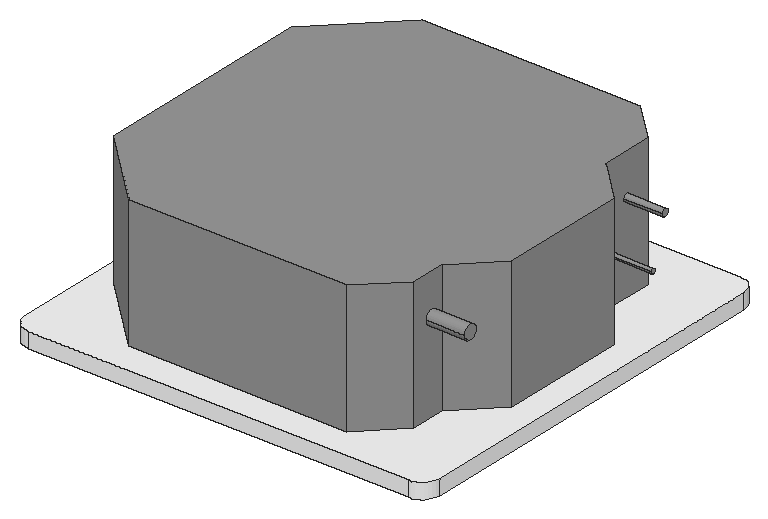
Revit family "Midea_VRF_Indoor_4-way Cassette_MI-90(100,112,140)Q4_DHN1-D (2nd DC)-360°", category Equipamento mecânico, Revit 2019
Family settings
  Cota do conector redondo = Utilizar diâmetro
  Tipo de parte = Normal
  Número OmniClass = 23.75.00.00
  Título OmniClass = Climate Control (HVAC)
  Com base no plano de trabalho = Não
  Sempre na vertical = Sim
  Corte com vazios quando carregada = Não
  Compartilhado = Não
  Ponto de cálculo do ambiente = Não
Parameters (values of type "4TVC0048EF000AA")
  clearance access right = 1000.000 mm
  clearance access left = 1000.000 mm
  clearance access front = 1000.000 mm
  clearance access behind = 1000.000 mm
  clearance [instance] = no
  Width = 840.000 mm
  URL = "https://www.trane.com/commercial/latin-america/br/pt.html"
  Series = "Ultra"
  Power supply = "220-240V ~50/60Hz"
  Panel color = "S1004"
  Modelo = "4TVC0048EF000AA"
  Minimum Circuit Amps = 1.2 A
  Maximum Fuse Amps = 15 A
  Fabricante = "Trane"
  Machine material = grilles：ABS/HIPS
  Liquid pipe = 9.530 mm
  Installation = "Indoor installation"
  Height = 300.000 mm
  Heating Power Input = 94 W
  Heating Capacity = 16.00 kW
  Gross Weight = 30.70 kg
  Gas pipe = 15.900 mm
  Gas = "R410a"
  Drain pipe = 32.000 mm
  Descrição = "High efficiency air cooled"
  Depth = 840.000 mm
  Cooling Power Input = 94 W
  Cooling Capacity = 14.00 kW
  Condensation = "air"
  Air Flow = "1700/1600/1440/1250/1200/1150 m3/h"
Types (5, lengths in mm): name | Modelo | Minimum Circuit Amps | Heating Power Input | Heating Capacity | Gross Weight | Cooling Power Input | Cooling Capacity | Air Flow
  (no name) | "4TVC0048EF000AA" | 1.2 A | 94 W | 16.00 kW | 30.70 kg | 94 W | 14.00 kW | "1700/1600/1440/1250/1200/1150 m3/h"
  4TVC0030EF000AA | "4TVC0030EF000AA" | 0.88 A | 75 W | 10.00 kW | 28.40 kg | 75 W | 9.00 kW | "1264/1195/1117/1055/975/893/811 m3/h"
  4TVC0034EF000AA | "4TVC0034EF000AA" | 1 A | 75 W | 11.00 kW | 28.40 kg | 75 W | 10.00 kW | "1596/1477/1365/1239/1154/1087/1034 m3/h"
  4TVC0038EF000AA | "4TVC0038EF000AA" | 1 A | 75 W | 12.50 kW | 28.40 kg | 75 W | 11.20 kW | "1596/1477/1365/1239/1154/1087/1034 m3/h"
  4TVC0048EF000AA | "4TVC0048EF000AA" | 1.2 A | 94 W | 16.00 kW | 30.70 kg | 94 W | 14.00 kW | "1700/1600/1440/1250/1200/1150 m3/h"
Reference planes
  plane 1 "中心(前/后)": y = 0
  plane 2: z = 0
  plane 3 "中心(左/右)": x = 0
  plane 4: z = -102.103
  plane 5 "floor": z = 2546.088
Forms (mm)
  Extrusion 1, solid, material "grilles：ABS/HIPS" <- "Machine material", detail levels medium+fine
    sketch origin (0, 0, 64.412) x (-1, 0, 0) y (0, 1, 0)
      loop
        line (-250, 420) -> (-335, 335) -> (-335, 215) -> (-425, 125) -> (-425, -165) -> (-335, -255) -> (-335, -335) -> (-250, -420) -> (250, -420) -> (415, -255) -> (415, 255) -> (250, 420) -> (-250, 420)
    from -281.588 to 18.412
  Extrusion 2, solid, material "grilles：ABS/HIPS" <- "Machine material", detail levels fine
    sketch origin (0, 519.376, 250) x (0, 1, 0) y (0, 0, 1)
      loop
        circle (-279.968, -103.155) r 4.765
    from 335 to 425
  Extrusion 3, solid, material "grilles：ABS/HIPS" <- "Machine material", detail levels fine
    sketch origin (335, -225, 64.412) x (0, -1, 0) y (0, 0, -1)
      loop
        circle (60, -187.897) r 16
    from 0 to 90
  Extrusion 4, solid, material "grilles：ABS/HIPS" <- "Machine material", detail levels fine
    sketch origin (335, 925, 64.412) x (0, -1, 0) y (0, 0, -1)
      loop
        circle (651.789, -187.897) r 7.95
    from 0 to 90
Lines and regions (mm)
  model lines
    curve 1: line (425, -165, 46) -> (425, 125, 46)
    curve 2: line (425, 125, 46) -> (335, 215, 46)
    curve 3: line (335, 215, 46) -> (335, 335, 46)
    curve 4: line (335, 335, 46) -> (250, 420, 46)
    curve 5: line (250, 420, 46) -> (-250, 420, 46)
    curve 6: line (-250, 420, 46) -> (-415, 255, 46)
    curve 7: line (-415, 255, 46) -> (-415, -255, 46)
    curve 8: line (-415, -255, 46) -> (-250, -420, 46)
    curve 9: line (-250, -420, 46) -> (250, -420, 46)
    curve 10: line (250, -420, 46) -> (335, -335, 46)
    curve 11: line (335, -335, 46) -> (335, -255, 46)
    curve 12: line (335, -255, 46) -> (425, -165, 46)
    curve 13: line (425, -165, 346) -> (425, -165, 46)
    curve 14: line (425, 125, 346) -> (425, 125, 46)
    curve 15: line (335, 215, 346) -> (335, 215, 46)
    curve 16: line (335, 335, 346) -> (335, 335, 46)
    curve 17: line (-250, 420, 346) -> (-250, 420, 46)
    curve 18: line (-415, 255, 346) -> (-415, 255, 46)
    curve 19: line (-415, -255, 346) -> (-415, -255, 46)
    curve 20: line (-250, -420, 346) -> (-250, -420, 46)
    curve 21: line (250, -420, 346) -> (250, -420, 46)
    curve 22: line (425, 125, 346) -> (425, -165, 346)
    curve 23: line (425, -165, 346) -> (335, -255, 346)
    curve 24: line (335, -255, 346) -> (335, -335, 346)
    curve 25: line (335, -335, 346) -> (250, -420, 346)
    curve 26: line (250, -420, 346) -> (-250, -420, 346)
    curve 27: line (-250, -420, 346) -> (-415, -255, 346)
    curve 28: line (-415, -255, 346) -> (-415, 255, 346)
    curve 29: line (-415, 255, 346) -> (-250, 420, 346)
    curve 30: line (-250, 420, 346) -> (250, 420, 346)
    curve 31: line (250, 420, 346) -> (335, 335, 346)
    curve 32: line (335, 335, 346) -> (335, 215, 346)
    curve 33: line (335, 215, 346) -> (425, 125, 346)
    curve 34: line (335, -335, 346) -> (335, -335, 46)
    curve 35: line (250, 420, 346) -> (250, 420, 46)
    curve 36: line (335, -255, 346) -> (335, -255, 46)
    curve 37: line (-475, 475, 46) -> (-475, 475, 0)
    curve 38: line (475, -475, 0) -> (475, -475, 46)
Dimensions and locks
  "Depth": Extrusion 1 to Extrusion 1
  "Width": Extrusion 1 to Extrusion 1
  "Height": Extrusion 1 to Extrusion 1
  "Liquid pipe": diameter of Extrusion 2
  "Gas pipe": diameter of Extrusion 4
  aligned and locked: level to plane 2
Automatic sketch dimensions
  plane 1 "中心(前/后)" to Extrusion 1 sketch curve = 165.000 mm
  plane 3 "中心(左/右)" to Extrusion 1 sketch curve = 425.000 mm
  Extrusion 1 sketch curve to plane 3 "中心(左/右)" = 250.000 mm  (x2)
  Extrusion 1 sketch curve to plane 1 "中心(前/后)" = 420.000 mm
  Extrusion 1 sketch curve to Extrusion 1 sketch curve = 90.000 mm  (x3)
  Extrusion 1 sketch curve to Extrusion 1 sketch curve = 85.000 mm  (x3)
  Extrusion 1 sketch curve to Extrusion 1 sketch curve = 165.000 mm  (x2)
  Extrusion 1 sketch curve to plane 1 "中心(前/后)" = 255.000 mm
  Extrusion 1 sketch curve to Extrusion 1 sketch curve = 120.000 mm
  Extrusion 1 sketch curve to plane 1 "中心(前/后)" = 125.000 mm
  plane 1 "中心(前/后)" to Extrusion 1 sketch curve = 255.000 mm
  Extrusion 1 sketch curve to Extrusion 1 sketch curve = 80.000 mm
  Extrusion 2 sketch curve to plane 1 "中心(前/后)" = 239.408 mm
  level to Extrusion 2 sketch curve = 146.845 mm
  Extrusion 1 to Extrusion 3 sketch curve = 93.691 mm
  Extrusion 1 to Extrusion 3 sketch curve = 500.000 mm
  Extrusion 4 sketch curve to Extrusion 1 = 58.211 mm
  Extrusion 1 to Extrusion 4 sketch curve = 93.691 mm
  curve 1 to Extrusion 1 = 0.000 mm  (x2)
  curve 3 to Extrusion 1 = 0.000 mm
  curve 11 to Extrusion 1 = 0.000 mm
  curve 10 to Extrusion 1 = 0.000 mm  (x3)
  Extrusion 1 to curve 5 = 0.000 mm
  curve 5 to Extrusion 1 = 0.000 mm
  Extrusion 1 to curve 6 = 0.000 mm
  curve 8 to Extrusion 1 = 0.000 mm  (x2)
  curve 6 to Extrusion 1 = 0.000 mm
  Extrusion 1 to curve 3 = 0.000 mm
  curve 7 to Extrusion 1 = 0.000 mm
  curve 2 to Extrusion 1 = 0.000 mm
  Extrusion 1 to curve 1 = 0.000 mm
  curve 12 to Extrusion 1 = 0.000 mm
  curve 13 to Extrusion 1 = 0.000 mm  (x3)
  curve 14 to Extrusion 1 = 0.000 mm  (x2)
  Extrusion 1 to curve 14 = 0.000 mm
  curve 16 to Extrusion 1 = 0.000 mm  (x2)
  curve 15 to Extrusion 1 = 0.000 mm  (x3)
  Extrusion 1 to curve 16 = 0.000 mm
  curve 35 to Extrusion 1 = 0.000 mm  (x3)
  curve 17 to Extrusion 1 = 0.000 mm  (x3)
  curve 19 to Extrusion 1 = 0.000 mm  (x2)
  curve 18 to Extrusion 1 = 0.000 mm  (x3)
  Extrusion 1 to curve 19 = 0.000 mm
  curve 21 to Extrusion 1 = 0.000 mm  (x3)
  curve 20 to Extrusion 1 = 0.000 mm  (x2)
  Extrusion 1 to curve 20 = 0.000 mm
  curve 22 to Extrusion 1 = 0.000 mm  (x2)
  curve 24 to Extrusion 1 = 0.000 mm
  curve 32 to Extrusion 1 = 0.000 mm
  Extrusion 1 to curve 26 = 0.000 mm  (x2)
  curve 26 to Extrusion 1 = 0.000 mm
  curve 31 to Extrusion 1 = 0.000 mm  (x3)
  curve 29 to Extrusion 1 = 0.000 mm
  curve 27 to Extrusion 1 = 0.000 mm  (x2)
  curve 28 to Extrusion 1 = 0.000 mm
  curve 33 to Extrusion 1 = 0.000 mm
  Extrusion 1 to curve 22 = 0.000 mm
  curve 23 to Extrusion 1 = 0.000 mm
  Extrusion 1 to curve 24 = 0.000 mm
  curve 34 to Extrusion 1 = 0.000 mm  (x3)
  curve 36 to Extrusion 1 = 0.000 mm  (x2)
  Extrusion 1 to curve 36 = 0.000 mm
  curve 37 to level = 0.000 mm
  level to curve 37 = 46.000 mm
  curve 37 to plane 3 "中心(左/右)" = 475.000 mm
  curve 38 to level = 0.000 mm
  plane 3 "中心(左/右)" to curve 38 = 475.000 mm
  level to curve 38 = 46.000 mm
  radius of Extrusion 2 sketch curve = 4.765 mm
  radius of Extrusion 3 sketch curve = 16.000 mm
  radius of Extrusion 4 sketch curve = 7.950 mm
Nested families
  nested 1: "360lengbamianban-950" at (0, 0, 0), type "360lengbamianban-950", detail levels medium+fine
Connectors
  piping at (425, -285, 252.309), diameter 32
    settings: on Extrusion 3, index 5, connector inside diameter 32 mm, connector length 0.000 mm, flow factor 0, pipe flow 0.0 m³/h, pressure drop 0.0 Pa, fitting loss kfactor 0, connector angle 0.00°, fixture units 0, engagement length 0.000 mm, angle of deflection 0.00°, flow configuration 1, flow direction 2, fitting loss method 0, system type 29, joint type 0, gender type 0, connector reference index -1, connector utility 0, adjustable connector no, is connector primary yes, connector description "Drain pipe OD Φ 32mm"
  piping at (425, 273.211, 252.309), diameter 15.9
    settings: on Extrusion 4, index 6, connector inside diameter 15.9 mm, connector length 0.000 mm, flow factor 0, pipe flow 0.0 m³/h, pressure drop 0.0 Pa, fitting loss kfactor 0, connector angle 0.00°, fixture units 0, engagement length 0.000 mm, angle of deflection 0.00°, flow configuration 1, flow direction 0, fitting loss method 4, system type 22, joint type 0, gender type 0, connector reference index -1, connector utility 0, adjustable connector no, is connector primary no, connector description "Gas pipe Φ15.9mm"
  piping at (425, 239.408, 146.845), diameter 9.53
    settings: on Extrusion 2, index 7, connector inside diameter 9.53 mm, connector length 0.000 mm, flow factor 0, pipe flow 0.0 m³/h, pressure drop 0.0 Pa, fitting loss kfactor 0, connector angle 0.00°, fixture units 0, engagement length 0.000 mm, angle of deflection 0.00°, flow configuration 1, flow direction 0, fitting loss method 4, system type 22, joint type 0, gender type 0, connector reference index -1, connector utility 0, adjustable connector no, is connector primary no, connector description "Liquid pipe Φ9.53mm"
  electrical at (0, 420, 196)
    settings: on Extrusion 1, index 8, voltage 220 V, apparent load 0 VA, apparent load phase1 0 VA, apparent load phase2 0 VA, apparent load phase3 0 VA, power factor 1, load classification "Power", number of poles 1, system type 30, power factor state 1, is connector primary yes, connector utility no, sub classification motor no, connector description "The location of electrical connectors is not the same as the actual location because the wiring terminal is inside the unit."
Definition of nested family "360lengbamianban-950"
  Parameters
    Series = ""
    Machine material = none
    Installation = ""
    Gas = ""
    Condensation = ""
  Reference planes
    plane 1 "Center (Front/Back)": y = 0
    plane 2: z = 0
    plane 3 "Center (Left/Right)": x = 0
    plane 4: y = 475
    plane 5: y = -475
    plane 6: x = -475
    plane 7: x = 475
    plane 8: through (323.5, 323.5, 1219.2) normal (0.7071, -0.7071, 0)
    plane 9: through (-323.5, 323.5, 1219.2) normal (0.7071, 0.7071, 0)
    plane 10: y = 300
    plane 11: x = 300
    plane 12: x = -300
    plane 13: y = -300
    plane 14: z = -15
    plane 15: z = 35
    plane 16: y = -330
    plane 17: y = 330
    plane 18: x = 330
    plane 19: x = -330
  Forms (mm)
    Extrusion 1, solid, material <- "Machine material"
      sketch origin (0, 0, 0) x (1, 0, 0) y (0, 1, 0)
        loop
          arc (-435, 475) -> (-463.284, 463.284) -> (-475, 435) r 40
          line (-475, 435) -> (-475, -435)
          arc (-475, -435) -> (-463.284, -463.284) -> (-435, -475) r 40
          line (-435, -475) -> (435, -475)
          arc (435, -475) -> (463.284, -463.284) -> (475, -435) r 40
          line (475, -435) -> (475, 435)
          arc (475, 435) -> (463.284, 463.284) -> (435, 475) r 40
          line (435, 475) -> (-435, 475)
      from 0 to 35
    Extrusion 2, void
      sketch origin (0, 0, 0) x (1, 0, 0) y (0, 1, 0)
        loop
          arc (-130, 250) -> (-214.853, 214.853) -> (-250, 130) r 120
          line (-250, 130) -> (-250, -130)
          arc (-250, -130) -> (-214.853, -214.853) -> (-130, -250) r 120
          line (-130, -250) -> (130, -250)
          arc (130, -250) -> (214.853, -214.853) -> (250, -130) r 120
          line (250, -130) -> (250, 130)
          arc (250, 130) -> (214.853, 214.853) -> (130, 250) r 120
          line (130, 250) -> (-130, 250)
      from 0 to 35
    Extrusion 3, solid
      sketch origin (0, 0, 0) x (1, 0, 0) y (0, 1, 0)
        loop
          line (-256.77, -244.014) -> (-256.77, -247.014) -> (256.177, -247.014) -> (256.177, -244.014) -> (-256.77, -244.014)
        loop
          line (-256.77, -239.014) -> (-256.77, -242.014) -> (256.177, -242.014) -> (256.177, -239.014) -> (-256.77, -239.014)
        loop
          line (-256.77, -234.014) -> (-256.77, -237.014) -> (256.177, -237.014) -> (256.177, -234.014) -> (-256.77, -234.014)
        loop
          line (-256.77, -229.014) -> (-256.77, -232.014) -> (256.177, -232.014) -> (256.177, -229.014) -> (-256.77, -229.014)
        loop
          line (-256.77, -224.014) -> (-256.77, -227.014) -> (256.177, -227.014) -> (256.177, -224.014) -> (-256.77, -224.014)
        loop
          line (-256.77, -219.014) -> (-256.77, -222.014) -> (256.177, -222.014) -> (256.177, -219.014) -> (-256.77, -219.014)
        loop
          line (-256.77, -214.014) -> (-256.77, -217.014) -> (256.177, -217.014) -> (256.177, -214.014) -> (-256.77, -214.014)
        loop
          line (-256.77, -209.014) -> (-256.77, -212.014) -> (256.177, -212.014) -> (256.177, -209.014) -> (-256.77, -209.014)
        loop
          line (-256.77, -204.014) -> (-256.77, -207.014) -> (256.177, -207.014) -> (256.177, -204.014) -> (-256.77, -204.014)
        loop
          line (-256.77, -199.014) -> (-256.77, -202.014) -> (256.177, -202.014) -> (256.177, -199.014) -> (-256.77, -199.014)
        loop
          line (-256.77, -194.014) -> (-256.77, -197.014) -> (256.177, -197.014) -> (256.177, -194.014) -> (-256.77, -194.014)
        loop
          line (-256.77, -189.014) -> (-256.77, -192.014) -> (256.177, -192.014) -> (256.177, -189.014) -> (-256.77, -189.014)
        loop
          line (-256.77, -184.014) -> (-256.77, -187.014) -> (256.177, -187.014) -> (256.177, -184.014) -> (-256.77, -184.014)
        loop
          line (-256.77, -179.014) -> (-256.77, -182.014) -> (256.177, -182.014) -> (256.177, -179.014) -> (-256.77, -179.014)
        loop
          line (-256.77, -174.014) -> (-256.77, -177.014) -> (256.177, -177.014) -> (256.177, -174.014) -> (-256.77, -174.014)
        loop
          line (-256.77, -169.014) -> (-256.77, -172.014) -> (256.177, -172.014) -> (256.177, -169.014) -> (-256.77, -169.014)
        loop
          line (-256.77, -164.014) -> (-256.77, -167.014) -> (256.177, -167.014) -> (256.177, -164.014) -> (-256.77, -164.014)
        loop
          line (-256.77, -159.014) -> (-256.77, -162.014) -> (256.177, -162.014) -> (256.177, -159.014) -> (-256.77, -159.014)
        loop
          line (-256.77, -154.014) -> (-256.77, -157.014) -> (256.177, -157.014) -> (256.177, -154.014) -> (-256.77, -154.014)
        loop
          line (-256.77, -149.014) -> (-256.77, -152.014) -> (256.177, -152.014) -> (256.177, -149.014) -> (-256.77, -149.014)
        loop
          line (-256.77, -144.014) -> (-256.77, -147.014) -> (256.177, -147.014) -> (256.177, -144.014) -> (-256.77, -144.014)
        loop
          line (-256.77, -139.014) -> (-256.77, -142.014) -> (256.177, -142.014) -> (256.177, -139.014) -> (-256.77, -139.014)
        loop
          line (-256.77, -134.014) -> (-256.77, -137.014) -> (256.177, -137.014) -> (256.177, -134.014) -> (-256.77, -134.014)
        loop
          line (-256.77, -129.014) -> (-256.77, -132.014) -> (256.177, -132.014) -> (256.177, -129.014) -> (-256.77, -129.014)
        loop
          line (-256.77, -124.014) -> (-256.77, -127.014) -> (256.177, -127.014) -> (256.177, -124.014) -> (-256.77, -124.014)
        loop
          line (-256.77, -119.014) -> (-256.77, -122.014) -> (256.177, -122.014) -> (256.177, -119.014) -> (-256.77, -119.014)
        loop
          line (-256.77, -114.014) -> (-256.77, -117.014) -> (256.177, -117.014) -> (256.177, -114.014) -> (-256.77, -114.014)
        loop
          line (-256.77, -109.014) -> (-256.77, -112.014) -> (256.177, -112.014) -> (256.177, -109.014) -> (-256.77, -109.014)
        loop
          line (-256.77, -104.014) -> (-256.77, -107.014) -> (256.177, -107.014) -> (256.177, -104.014) -> (-256.77, -104.014)
        loop
          line (-256.77, -99.014) -> (-256.77, -102.014) -> (256.177, -102.014) -> (256.177, -99.014) -> (-256.77, -99.014)
        loop
          line (-256.77, -94.014) -> (-256.77, -97.014) -> (256.177, -97.014) -> (256.177, -94.014) -> (-256.77, -94.014)
        loop
          line (-256.77, -89.014) -> (-256.77, -92.014) -> (256.177, -92.014) -> (256.177, -89.014) -> (-256.77, -89.014)
        loop
          line (-256.77, -84.014) -> (-256.77, -87.014) -> (256.177, -87.014) -> (256.177, -84.014) -> (-256.77, -84.014)
        loop
          line (-256.77, -79.014) -> (-256.77, -82.014) -> (256.177, -82.014) -> (256.177, -79.014) -> (-256.77, -79.014)
        loop
          line (-256.77, -74.014) -> (-256.77, -77.014) -> (256.177, -77.014) -> (256.177, -74.014) -> (-256.77, -74.014)
        loop
          line (-256.77, -69.014) -> (-256.77, -72.014) -> (256.177, -72.014) -> (256.177, -69.014) -> (-256.77, -69.014)
        loop
          line (-256.77, -64.014) -> (-256.77, -67.014) -> (256.177, -67.014) -> (256.177, -64.014) -> (-256.77, -64.014)
        loop
          line (-256.77, -59.014) -> (-256.77, -62.014) -> (256.177, -62.014) -> (256.177, -59.014) -> (-256.77, -59.014)
        loop
          line (-256.77, -54.014) -> (-256.77, -57.014) -> (256.177, -57.014) -> (256.177, -54.014) -> (-256.77, -54.014)
        loop
          line (-256.77, -49.014) -> (-256.77, -52.014) -> (256.177, -52.014) -> (256.177, -49.014) -> (-256.77, -49.014)
        loop
          line (-256.77, -44.014) -> (-256.77, -47.014) -> (256.177, -47.014) -> (256.177, -44.014) -> (-256.77, -44.014)
        loop
          line (-256.77, -39.014) -> (-256.77, -42.014) -> (256.177, -42.014) -> (256.177, -39.014) -> (-256.77, -39.014)
        loop
          line (-256.77, -34.014) -> (-256.77, -37.014) -> (256.177, -37.014) -> (256.177, -34.014) -> (-256.77, -34.014)
        loop
          line (-256.77, -29.014) -> (-256.77, -32.014) -> (256.177, -32.014) -> (256.177, -29.014) -> (-256.77, -29.014)
        loop
          line (-256.77, -24.014) -> (-256.77, -27.014) -> (256.177, -27.014) -> (256.177, -24.014) -> (-256.77, -24.014)
        loop
          line (-256.77, -19.014) -> (-256.77, -22.014) -> (256.177, -22.014) -> (256.177, -19.014) -> (-256.77, -19.014)
        loop
          line (-256.77, -14.014) -> (-256.77, -17.014) -> (256.177, -17.014) -> (256.177, -14.014) -> (-256.77, -14.014)
        loop
          line (-256.77, -9.014) -> (-256.77, -12.014) -> (256.177, -12.014) -> (256.177, -9.014) -> (-256.77, -9.014)
        loop
          line (-256.77, -4.014) -> (-256.77, -7.014) -> (256.177, -7.014) -> (256.177, -4.014) -> (-256.77, -4.014)
        loop
          line (-256.77, 0.986) -> (-256.77, -2.014) -> (256.177, -2.014) -> (256.177, 0.986) -> (-256.77, 0.986)
        loop
          line (-256.77, 5.986) -> (-256.77, 2.986) -> (256.177, 2.986) -> (256.177, 5.986) -> (-256.77, 5.986)
        loop
          line (-256.77, 10.986) -> (-256.77, 7.986) -> (256.177, 7.986) -> (256.177, 10.986) -> (-256.77, 10.986)
        loop
          line (-256.77, 15.986) -> (-256.77, 12.986) -> (256.177, 12.986) -> (256.177, 15.986) -> (-256.77, 15.986)
        loop
          line (-256.77, 20.986) -> (-256.77, 17.986) -> (256.177, 17.986) -> (256.177, 20.986) -> (-256.77, 20.986)
        loop
          line (-256.77, 25.986) -> (-256.77, 22.986) -> (256.177, 22.986) -> (256.177, 25.986) -> (-256.77, 25.986)
        loop
          line (-256.77, 30.986) -> (-256.77, 27.986) -> (256.177, 27.986) -> (256.177, 30.986) -> (-256.77, 30.986)
        loop
          line (-256.77, 35.986) -> (-256.77, 32.986) -> (256.177, 32.986) -> (256.177, 35.986) -> (-256.77, 35.986)
        loop
          line (-256.77, 40.986) -> (-256.77, 37.986) -> (256.177, 37.986) -> (256.177, 40.986) -> (-256.77, 40.986)
        loop
          line (-256.77, 45.986) -> (-256.77, 42.986) -> (256.177, 42.986) -> (256.177, 45.986) -> (-256.77, 45.986)
        loop
          line (-256.77, 50.986) -> (-256.77, 47.986) -> (256.177, 47.986) -> (256.177, 50.986) -> (-256.77, 50.986)
        loop
          line (-256.77, 55.986) -> (-256.77, 52.986) -> (256.177, 52.986) -> (256.177, 55.986) -> (-256.77, 55.986)
        loop
          line (-256.77, 60.986) -> (-256.77, 57.986) -> (256.177, 57.986) -> (256.177, 60.986) -> (-256.77, 60.986)
        loop
          line (-256.77, 65.986) -> (-256.77, 62.986) -> (256.177, 62.986) -> (256.177, 65.986) -> (-256.77, 65.986)
        loop
          line (-256.77, 70.986) -> (-256.77, 67.986) -> (256.177, 67.986) -> (256.177, 70.986) -> (-256.77, 70.986)
        loop
          line (-256.77, 75.986) -> (-256.77, 72.986) -> (256.177, 72.986) -> (256.177, 75.986) -> (-256.77, 75.986)
        loop
          line (-256.77, 80.986) -> (-256.77, 77.986) -> (256.177, 77.986) -> (256.177, 80.986) -> (-256.77, 80.986)
        loop
          line (-256.77, 85.986) -> (-256.77, 82.986) -> (256.177, 82.986) -> (256.177, 85.986) -> (-256.77, 85.986)
        loop
          line (-256.77, 90.986) -> (-256.77, 87.986) -> (256.177, 87.986) -> (256.177, 90.986) -> (-256.77, 90.986)
        loop
          line (-256.77, 95.986) -> (-256.77, 92.986) -> (256.177, 92.986) -> (256.177, 95.986) -> (-256.77, 95.986)
        loop
          line (-256.77, 100.986) -> (-256.77, 97.986) -> (256.177, 97.986) -> (256.177, 100.986) -> (-256.77, 100.986)
        loop
          line (-256.77, 105.986) -> (-256.77, 102.986) -> (256.177, 102.986) -> (256.177, 105.986) -> (-256.77, 105.986)
        loop
          line (-256.77, 110.986) -> (-256.77, 107.986) -> (256.177, 107.986) -> (256.177, 110.986) -> (-256.77, 110.986)
        loop
          line (-256.77, 115.986) -> (-256.77, 112.986) -> (256.177, 112.986) -> (256.177, 115.986) -> (-256.77, 115.986)
        loop
          line (-256.77, 120.986) -> (-256.77, 117.986) -> (256.177, 117.986) -> (256.177, 120.986) -> (-256.77, 120.986)
        loop
          line (-256.77, 125.986) -> (-256.77, 122.986) -> (256.177, 122.986) -> (256.177, 125.986) -> (-256.77, 125.986)
        loop
          line (-256.77, 130.986) -> (-256.77, 127.986) -> (256.177, 127.986) -> (256.177, 130.986) -> (-256.77, 130.986)
        loop
          line (-256.77, 135.986) -> (-256.77, 132.986) -> (256.177, 132.986) -> (256.177, 135.986) -> (-256.77, 135.986)
        loop
          line (-256.77, 140.986) -> (-256.77, 137.986) -> (256.177, 137.986) -> (256.177, 140.986) -> (-256.77, 140.986)
        loop
          line (-256.77, 145.986) -> (-256.77, 142.986) -> (256.177, 142.986) -> (256.177, 145.986) -> (-256.77, 145.986)
        loop
          line (-256.77, 150.986) -> (-256.77, 147.986) -> (256.177, 147.986) -> (256.177, 150.986) -> (-256.77, 150.986)
        loop
          line (-256.77, 155.986) -> (-256.77, 152.986) -> (256.177, 152.986) -> (256.177, 155.986) -> (-256.77, 155.986)
        loop
          line (-256.77, 160.986) -> (-256.77, 157.986) -> (256.177, 157.986) -> (256.177, 160.986) -> (-256.77, 160.986)
        loop
          line (-256.77, 165.986) -> (-256.77, 162.986) -> (256.177, 162.986) -> (256.177, 165.986) -> (-256.77, 165.986)
        loop
          line (-256.77, 170.986) -> (-256.77, 167.986) -> (256.177, 167.986) -> (256.177, 170.986) -> (-256.77, 170.986)
        loop
          line (-256.77, 175.986) -> (-256.77, 172.986) -> (256.177, 172.986) -> (256.177, 175.986) -> (-256.77, 175.986)
        loop
          line (-256.77, 180.986) -> (-256.77, 177.986) -> (256.177, 177.986) -> (256.177, 180.986) -> (-256.77, 180.986)
        loop
          line (-256.77, 185.986) -> (-256.77, 182.986) -> (256.177, 182.986) -> (256.177, 185.986) -> (-256.77, 185.986)
        loop
          line (-256.77, 190.986) -> (-256.77, 187.986) -> (256.177, 187.986) -> (256.177, 190.986) -> (-256.77, 190.986)
        loop
          line (-256.77, 195.986) -> (-256.77, 192.986) -> (256.177, 192.986) -> (256.177, 195.986) -> (-256.77, 195.986)
        loop
          line (-256.77, 200.986) -> (-256.77, 197.986) -> (256.177, 197.986) -> (256.177, 200.986) -> (-256.77, 200.986)
        loop
          line (-256.77, 205.986) -> (-256.77, 202.986) -> (256.177, 202.986) -> (256.177, 205.986) -> (-256.77, 205.986)
        loop
          line (-256.77, 210.986) -> (-256.77, 207.986) -> (256.177, 207.986) -> (256.177, 210.986) -> (-256.77, 210.986)
        loop
          line (-256.77, 215.986) -> (-256.77, 212.986) -> (256.177, 212.986) -> (256.177, 215.986) -> (-256.77, 215.986)
        loop
          line (-256.77, 220.986) -> (-256.77, 217.986) -> (256.177, 217.986) -> (256.177, 220.986) -> (-256.77, 220.986)
        loop
          line (-256.77, 225.986) -> (-256.77, 222.986) -> (256.177, 222.986) -> (256.177, 225.986) -> (-256.77, 225.986)
        loop
          line (-256.77, 230.986) -> (-256.77, 227.986) -> (256.177, 227.986) -> (256.177, 230.986) -> (-256.77, 230.986)
        loop
          line (-256.77, 235.986) -> (-256.77, 232.986) -> (256.177, 232.986) -> (256.177, 235.986) -> (-256.77, 235.986)
        loop
          line (-256.77, 240.986) -> (-256.77, 237.986) -> (256.177, 237.986) -> (256.177, 240.986) -> (-256.77, 240.986)
        loop
          line (-256.77, 245.986) -> (-256.77, 242.986) -> (256.177, 242.986) -> (256.177, 245.986) -> (-256.77, 245.986)
      from 2.83 to 4.679
    Extrusion 4, void
      sketch origin (99.1, 0, 0) x (0, 1, 0) y (-1, 0, 0)
        loop
          arc (279.071, -305.241) -> (367.65, -268.55) -> (404.341, -179.971) r 125.27
          line (404.341, -179.971) -> (404.341, 378.171)
          arc (404.341, 378.171) -> (367.65, 466.75) -> (279.071, 503.441) r 125.27
          line (279.071, 503.441) -> (-279.071, 503.441)
          arc (-279.071, 503.441) -> (-367.65, 466.75) -> (-404.341, 378.171) r 125.27
          line (-404.341, 378.171) -> (-404.341, -179.971)
          arc (-404.341, -179.971) -> (-367.65, -268.55) -> (-279.071, -305.241) r 125.27
          line (-279.071, -305.241) -> (279.071, -305.241)
        loop
          line (-174.341, -295.241) -> (174.341, -295.241)
          arc (174.341, -295.241) -> (329.905, -230.805) -> (394.341, -75.241) r 220
          line (394.341, -75.241) -> (394.341, 273.441)
          arc (394.341, 273.441) -> (329.905, 429.005) -> (174.341, 493.441) r 220
          line (174.341, 493.441) -> (-174.341, 493.441)
          arc (-174.341, 493.441) -> (-329.905, 429.005) -> (-394.341, 273.441) r 220
          line (-394.341, 273.441) -> (-394.341, -75.241)
          arc (-394.341, -75.241) -> (-329.905, -230.805) -> (-174.341, -295.241) r 220
      from 0 to 25.378
    Extrusion 5, void
      sketch origin (12.53, 0, 0) x (1, 0, 0) y (0, 1, 0)
        loop
          line (329.341, 0) -> (329.341, 100)
          arc (329.341, 100) -> (338.358, 136.132) -> (363.295, 163.791) r 76.902
          line (363.295, 163.791) -> (381.811, 124.083) -> (381.811, 137.917) -> (366.182, 171.435)
          arc (366.182, 171.435) -> (335.571, 141.393) -> (324.341, 100) r 81.902
          line (324.341, 100) -> (324.341, 0) -> (324.341, -100)
          arc (324.341, -100) -> (335.571, -141.393) -> (366.182, -171.435) r 81.902
          line (366.182, -171.435) -> (381.811, -137.917) -> (381.811, -124.083) -> (363.295, -163.791)
          arc (363.295, -163.791) -> (338.358, -136.132) -> (329.341, -100) r 76.902
          line (329.341, -100) -> (329.341, 0)
      from 0 to 4.679
    Extrusion 6, void
      sketch origin (-12.53, 0, 0) x (-1, 0, 0) y (0, -1, 0)
        loop
          line (329.341, 0) -> (329.341, 100)
          arc (329.341, 100) -> (338.358, 136.132) -> (363.295, 163.791) r 76.902
          line (363.295, 163.791) -> (381.811, 124.083) -> (381.811, 137.917) -> (366.182, 171.435)
          arc (366.182, 171.435) -> (335.571, 141.393) -> (324.341, 100) r 81.902
          line (324.341, 100) -> (324.341, 0) -> (324.341, -100)
          arc (324.341, -100) -> (335.571, -141.393) -> (366.182, -171.435) r 81.902
          line (366.182, -171.435) -> (381.811, -137.917) -> (381.811, -124.083) -> (363.295, -163.791)
          arc (363.295, -163.791) -> (338.358, -136.132) -> (329.341, -100) r 76.902
          line (329.341, -100) -> (329.341, 0)
      from 0 to 4.679
    Extrusion 7, void
      sketch origin (0, 12.53, 0) x (0, 1, 0) y (-1, 0, 0)
        loop
          line (329.341, 0) -> (329.341, 100)
          arc (329.341, 100) -> (338.358, 136.132) -> (363.295, 163.791) r 76.902
          line (363.295, 163.791) -> (381.811, 124.083) -> (381.811, 137.917) -> (366.182, 171.435)
          arc (366.182, 171.435) -> (335.571, 141.393) -> (324.341, 100) r 81.902
          line (324.341, 100) -> (324.341, 0) -> (324.341, -100)
          arc (324.341, -100) -> (335.571, -141.393) -> (366.182, -171.435) r 81.902
          line (366.182, -171.435) -> (381.811, -137.917) -> (381.811, -124.083) -> (363.295, -163.791)
          arc (363.295, -163.791) -> (338.358, -136.132) -> (329.341, -100) r 76.902
          line (329.341, -100) -> (329.341, 0)
      from 0 to 4.679
    Extrusion 8, void
      sketch origin (0, -12.53, 0) x (0, -1, 0) y (1, 0, 0)
        loop
          line (329.341, 0) -> (329.341, 100)
          arc (329.341, 100) -> (338.358, 136.132) -> (363.295, 163.791) r 76.902
          line (363.295, 163.791) -> (381.811, 124.083) -> (381.811, 137.917) -> (366.182, 171.435)
          arc (366.182, 171.435) -> (335.571, 141.393) -> (324.341, 100) r 81.902
          line (324.341, 100) -> (324.341, 0) -> (324.341, -100)
          arc (324.341, -100) -> (335.571, -141.393) -> (366.182, -171.435) r 81.902
          line (366.182, -171.435) -> (381.811, -137.917) -> (381.811, -124.083) -> (363.295, -163.791)
          arc (363.295, -163.791) -> (338.358, -136.132) -> (329.341, -100) r 76.902
          line (329.341, -100) -> (329.341, 0)
      from 0 to 4.679
    Extrusion 9, solid, material <- "Machine material"
      sketch origin (0, 0, 0) x (1, 0, 0) y (0, 1, 0)
        loop
          circle (410.861, 412.599) r 25
      from -3 to 0
  Cuts and joins
    Extrusion 2, Extrusion 4, Extrusion 5, Extrusion 6, Extrusion 7, Extrusion 8 cuts Extrusion 1
  Dimensions and locks
    aligned and locked: level to plane 2
